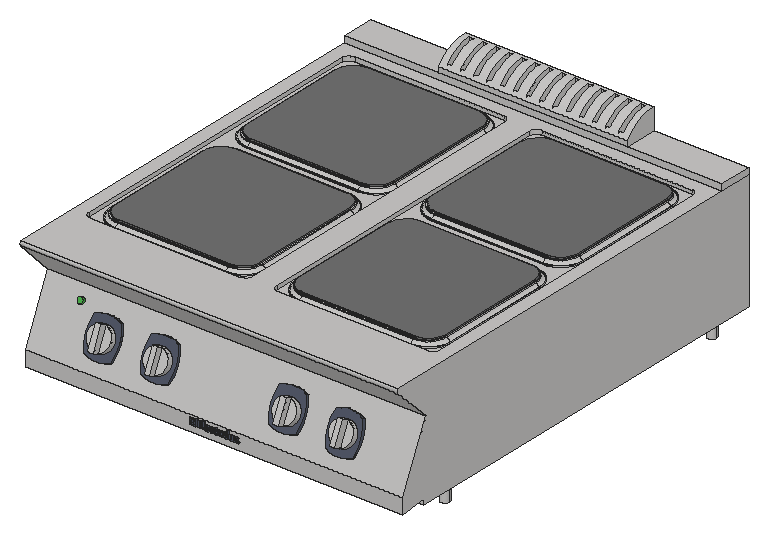
Revit family "QF_ELECTROLUXPROFESSIONAL_391166_E9ECEH4Q0N", category Specialty Equipment, Revit 2018 (continued)
Automatic sketch dimensions
  Extrusion 10 sketch curve to Extrusion 10 sketch curve = 11.572 mm
  Extrusion 11 sketch curve to plane 4 "RIGHT" = 143.463 mm
  Extrusion 11 sketch curve to plane 7 "Center Y" = 136.537 mm
  Extrusion 11 sketch curve to Extrusion 11 sketch curve = 0 mm  (x3)
  Extrusion 11 sketch curve to Extrusion 11 sketch curve = 120 mm  (x2)
  Extrusion 12 sketch curve to Extrusion 1 = 151 mm
  Extrusion 12 sketch curve to Extrusion 1 = 250.023 mm
  Extrusion 13 sketch curve to Extrusion 1 = 61 mm
  Extrusion 13 sketch curve to Extrusion 1 = 276.023 mm
  Extrusion 14 sketch curve to Extrusion 1 = 31.119 mm  (x4)
  Extrusion 14 sketch curve to Extrusion 1 = 33.619 mm  (x4)
  Extrusion 14 sketch curve to Extrusion 14 sketch curve = 12.3 mm  (x12)
  Extrusion 14 sketch curve to Extrusion 14 sketch curve = 34.925 mm  (x6)
  Extrusion 14 sketch curve to Extrusion 14 sketch curve = 2.5 mm  (x2)
  Extrusion 14 sketch curve to Extrusion 14 sketch curve = 45.146 mm  (x4)
  Extrusion 1 to Extrusion 14 sketch curve = 89.526 mm
  Extrusion 14 sketch curve to Extrusion 14 sketch curve = 25.727 mm  (x4)
  Extrusion 14 sketch curve to Extrusion 14 sketch curve = 25.771 mm  (x2)
  Extrusion 14 sketch curve to Extrusion 14 sketch curve = 28.531 mm  (x2)
  Extrusion 14 sketch curve to Extrusion 14 sketch curve = 11.797 mm  (x2)
  Extrusion 14 sketch curve to Extrusion 14 sketch curve = 163.116 mm
  Extrusion 14 sketch curve to Extrusion 14 sketch curve = 25.683 mm  (x2)
  Extrusion 14 sketch curve to Extrusion 14 sketch curve = 28.575 mm  (x2)
  plane 10 "TOP A" to Extrusion 15 sketch curve = 12.778 mm
  Extrusion 15 sketch curve to plane 1 "BACK" = 0 mm
  plane 1 "BACK" to Extrusion 15 sketch curve = 1.769 mm
  plane 13 to Extrusion 15 sketch curve = 12.15 mm
  Extrusion 15 sketch curve to plane 10 "TOP A" = 27.335 mm
  plane 10 "TOP A" to Extrusion 15 sketch curve = 25.4 mm
  plane 1 "BACK" to Extrusion 16 sketch curve = 6.761 mm
  Extrusion 16 sketch curve to plane 7 "Center Y" = 177.251 mm
  Extrusion 16 sketch curve to Extrusion 16 sketch curve = 9.296 mm
  plane 13 to Extrusion 16 sketch curve = 18.089 mm
  Extrusion 17 sketch curve to plane 1 "BACK" = 6.761 mm
  Extrusion 17 sketch curve to plane 7 "Center Y" = 177.251 mm
  Extrusion 17 sketch curve to Extrusion 17 sketch curve = 9.296 mm
  Extrusion 17 sketch curve to plane 13 = 18.089 mm
  plane 1 "BACK" to Extrusion 18 sketch curve = 6.761 mm
  Extrusion 18 sketch curve to plane 7 "Center Y" = 149.263 mm
  Extrusion 18 sketch curve to Extrusion 18 sketch curve = 9.296 mm
  plane 13 to Extrusion 18 sketch curve = 18.089 mm
  plane 1 "BACK" to Extrusion 19 sketch curve = 6.761 mm
  Extrusion 19 sketch curve to plane 7 "Center Y" = 121.275 mm
  Extrusion 19 sketch curve to Extrusion 19 sketch curve = 9.296 mm
  plane 13 to Extrusion 19 sketch curve = 18.089 mm
  plane 1 "BACK" to Extrusion 20 sketch curve = 6.761 mm
  Extrusion 20 sketch curve to plane 7 "Center Y" = 93.311 mm
  Extrusion 20 sketch curve to Extrusion 20 sketch curve = 9.296 mm
  plane 13 to Extrusion 20 sketch curve = 18.089 mm
  plane 1 "BACK" to Extrusion 21 sketch curve = 6.761 mm
  Extrusion 21 sketch curve to plane 7 "Center Y" = 65.323 mm
  Extrusion 21 sketch curve to Extrusion 21 sketch curve = 9.296 mm
  plane 13 to Extrusion 21 sketch curve = 18.089 mm
  plane 1 "BACK" to Extrusion 22 sketch curve = 6.761 mm
  Extrusion 22 sketch curve to plane 7 "Center Y" = 37.335 mm
  Extrusion 22 sketch curve to Extrusion 22 sketch curve = 9.296 mm
  plane 13 to Extrusion 22 sketch curve = 18.089 mm
  Extrusion 23 sketch curve to plane 7 "Center Y" = 9.346 mm
  Extrusion 23 sketch curve to Extrusion 23 sketch curve = 9.296 mm
  plane 1 "BACK" to Extrusion 23 sketch curve = 6.761 mm
  plane 13 to Extrusion 23 sketch curve = 18.089 mm
  plane 1 "BACK" to Extrusion 24 sketch curve = 6.761 mm
  plane 7 "Center Y" to Extrusion 24 sketch curve = 18.642 mm
  Extrusion 24 sketch curve to Extrusion 24 sketch curve = 9.296 mm
  plane 13 to Extrusion 24 sketch curve = 18.089 mm
  plane 1 "BACK" to Extrusion 25 sketch curve = 6.761 mm
  plane 7 "Center Y" to Extrusion 25 sketch curve = 46.63 mm
  Extrusion 25 sketch curve to Extrusion 25 sketch curve = 9.296 mm
  plane 13 to Extrusion 25 sketch curve = 18.089 mm
  plane 1 "BACK" to Extrusion 26 sketch curve = 6.761 mm
  plane 7 "Center Y" to Extrusion 26 sketch curve = 74.619 mm
  Extrusion 26 sketch curve to Extrusion 26 sketch curve = 9.296 mm
  plane 13 to Extrusion 26 sketch curve = 18.089 mm
  plane 1 "BACK" to Extrusion 27 sketch curve = 6.761 mm
  plane 7 "Center Y" to Extrusion 27 sketch curve = 102.582 mm
  Extrusion 27 sketch curve to Extrusion 27 sketch curve = 9.296 mm
  plane 13 to Extrusion 27 sketch curve = 18.089 mm
  plane 1 "BACK" to Extrusion 28 sketch curve = 6.761 mm
  plane 7 "Center Y" to Extrusion 28 sketch curve = 130.57 mm
  Extrusion 28 sketch curve to Extrusion 28 sketch curve = 9.296 mm
  plane 13 to Extrusion 28 sketch curve = 18.089 mm
  plane 1 "BACK" to Extrusion 29 sketch curve = 6.761 mm
  plane 7 "Center Y" to Extrusion 29 sketch curve = 158.559 mm
  Extrusion 29 sketch curve to Extrusion 29 sketch curve = 9.296 mm
  plane 13 to Extrusion 29 sketch curve = 18.089 mm
  Sweep 30 sketch curve to Extrusion 5 = 40 mm  (x2)
  profile plane to Sweep 30 sketch curve = 0 mm
  Sweep 30 sketch curve to profile plane = 6.35 mm
  Sweep 30 sketch curve to Sweep 30 sketch curve = 1.714 mm
  profile plane to Sweep 30 sketch curve = 4.181 mm
  Sweep 30 sketch curve to profile plane = 12.291 mm
  Sweep 30 sketch curve to profile plane = 1.759 mm
  Sweep 30 sketch curve to Sweep 30 sketch curve = 1.891 mm
  Sweep 31 sketch curve to Extrusion 5 = 40 mm  (x2)
  profile plane to Sweep 31 sketch curve = 0 mm
  Sweep 31 sketch curve to profile plane = 6.35 mm
  Sweep 31 sketch curve to Sweep 31 sketch curve = 1.714 mm
  profile plane to Sweep 31 sketch curve = 4.181 mm
  Sweep 31 sketch curve to profile plane = 12.291 mm
  Sweep 31 sketch curve to profile plane = 1.759 mm
  Sweep 31 sketch curve to Sweep 31 sketch curve = 1.891 mm
  Extrusion 32 sketch curve to Extrusion 1 = 8.862 mm
  Extrusion 32 sketch curve to Extrusion 1 = 13.903 mm
  Extrusion 32 sketch curve to Extrusion 1 = 13.922 mm
  Extrusion 32 sketch curve to Extrusion 32 sketch curve = 0 mm  (x28)
  Extrusion 32 sketch curve to Extrusion 32 sketch curve = 5.108 mm
  Extrusion 32 sketch curve to Extrusion 32 sketch curve = 0.054 mm
  Extrusion 32 sketch curve to Extrusion 32 sketch curve = 0.218 mm
  Extrusion 32 sketch curve to Extrusion 32 sketch curve = 0.195 mm
  Extrusion 32 sketch curve to Extrusion 32 sketch curve = 0.249 mm
  Extrusion 32 sketch curve to Extrusion 1 = 14.219 mm
  Extrusion 32 sketch curve to Extrusion 32 sketch curve = 0.087 mm
  Extrusion 32 sketch curve to Extrusion 32 sketch curve = 0.358 mm
  Extrusion 32 sketch curve to Extrusion 32 sketch curve = 0.481 mm
  Extrusion 32 sketch curve to Extrusion 32 sketch curve = 0.597 mm
  Extrusion 32 sketch curve to Extrusion 32 sketch curve = 0.544 mm
  Extrusion 32 sketch curve to Extrusion 32 sketch curve = 0.936 mm
  Extrusion 32 sketch curve to Extrusion 32 sketch curve = 0.594 mm
  Extrusion 32 sketch curve to Extrusion 32 sketch curve = 0.343 mm
  Extrusion 32 sketch curve to Extrusion 32 sketch curve = 0.159 mm
  Extrusion 32 sketch curve to Extrusion 32 sketch curve = 0.826 mm
  Extrusion 32 sketch curve to Extrusion 32 sketch curve = 0.839 mm
  Extrusion 32 sketch curve to Extrusion 32 sketch curve = 0.852 mm
  Extrusion 32 sketch curve to Extrusion 32 sketch curve = 0.887 mm
  Extrusion 32 sketch curve to Extrusion 32 sketch curve = 0.928 mm
  Extrusion 32 sketch curve to Extrusion 32 sketch curve = 0.938 mm
  Extrusion 32 sketch curve to Extrusion 32 sketch curve = 0.444 mm
  Extrusion 32 sketch curve to Extrusion 32 sketch curve = 1.11 mm  (x3)
  Extrusion 32 sketch curve to Extrusion 32 sketch curve = 0.215 mm
  Extrusion 32 sketch curve to Extrusion 32 sketch curve = 1.43 mm
  Extrusion 32 sketch curve to Extrusion 32 sketch curve = 1.188 mm
  Extrusion 32 sketch curve to Extrusion 32 sketch curve = 1.21 mm  (x2)
  Extrusion 32 sketch curve to Extrusion 32 sketch curve = 0.503 mm
  Extrusion 32 sketch curve to Extrusion 32 sketch curve = 0.488 mm
  Extrusion 32 sketch curve to Extrusion 32 sketch curve = 0.462 mm
  Extrusion 32 sketch curve to Extrusion 32 sketch curve = 1.386 mm
  Extrusion 32 sketch curve to Extrusion 32 sketch curve = 1.742 mm  (x2)
  Extrusion 32 sketch curve to Extrusion 32 sketch curve = 0.821 mm
  Extrusion 32 sketch curve to Extrusion 32 sketch curve = 0.497 mm
  Extrusion 32 sketch curve to Extrusion 32 sketch curve = 0.539 mm
  Extrusion 32 sketch curve to Extrusion 32 sketch curve = 0.686 mm
  Extrusion 32 sketch curve to Extrusion 32 sketch curve = 0.408 mm
  Extrusion 32 sketch curve to Extrusion 32 sketch curve = 0.743 mm
  Extrusion 32 sketch curve to Extrusion 32 sketch curve = 1.16 mm
  Extrusion 32 sketch curve to Extrusion 32 sketch curve = 0.329 mm
  Extrusion 32 sketch curve to Extrusion 32 sketch curve = 1.054 mm
  Extrusion 32 sketch curve to Extrusion 32 sketch curve = 1.056 mm
  Extrusion 32 sketch curve to Extrusion 32 sketch curve = 0.129 mm
  Extrusion 32 sketch curve to Extrusion 32 sketch curve = 0.489 mm
  Extrusion 32 sketch curve to Extrusion 32 sketch curve = 0.441 mm
  Extrusion 32 sketch curve to Extrusion 32 sketch curve = 1.151 mm
  Extrusion 32 sketch curve to Extrusion 32 sketch curve = 1.141 mm  (x2)
  Extrusion 32 sketch curve to Extrusion 32 sketch curve = 0.768 mm
  Extrusion 32 sketch curve to Extrusion 32 sketch curve = 1.653 mm
  Extrusion 32 sketch curve to Extrusion 32 sketch curve = 0.499 mm
  Extrusion 32 sketch curve to Extrusion 32 sketch curve = 0.964 mm
  Extrusion 32 sketch curve to Extrusion 32 sketch curve = 0.949 mm
  Extrusion 32 sketch curve to Extrusion 32 sketch curve = 1.345 mm  (x3)
  Extrusion 32 sketch curve to Extrusion 32 sketch curve = 1.101 mm
  Extrusion 32 sketch curve to Extrusion 32 sketch curve = 0.432 mm
  Extrusion 32 sketch curve to Extrusion 32 sketch curve = 1.142 mm
  Extrusion 32 sketch curve to Extrusion 32 sketch curve = 0.959 mm
  Extrusion 32 sketch curve to Extrusion 32 sketch curve = 0.176 mm
  Extrusion 32 sketch curve to Extrusion 32 sketch curve = 0.728 mm
  Extrusion 32 sketch curve to Extrusion 32 sketch curve = 3.375 mm  (x2)
  Extrusion 32 sketch curve to Extrusion 32 sketch curve = 0.541 mm
  Extrusion 32 sketch curve to Extrusion 32 sketch curve = 0.955 mm
  Extrusion 32 sketch curve to Extrusion 32 sketch curve = 1.251 mm
  Extrusion 32 sketch curve to Extrusion 32 sketch curve = 0.572 mm
  Extrusion 32 sketch curve to Extrusion 32 sketch curve = 1.92 mm
  Extrusion 32 sketch curve to Extrusion 32 sketch curve = 1.224 mm
  Extrusion 32 sketch curve to Extrusion 32 sketch curve = 0.745 mm
  Extrusion 32 sketch curve to Extrusion 32 sketch curve = 2.537 mm
  Extrusion 32 sketch curve to Extrusion 32 sketch curve = 0.896 mm  (x3)
  Extrusion 32 sketch curve to Extrusion 32 sketch curve = 0.036 mm
  Extrusion 32 sketch curve to Extrusion 32 sketch curve = 2.607 mm
  Extrusion 32 sketch curve to Extrusion 32 sketch curve = 0.066 mm
  Extrusion 32 sketch curve to Extrusion 32 sketch curve = 0.248 mm
  Extrusion 32 sketch curve to Extrusion 32 sketch curve = 0.449 mm
  Extrusion 32 sketch curve to Extrusion 32 sketch curve = 1.052 mm
  Extrusion 32 sketch curve to Extrusion 32 sketch curve = 1.863 mm
  Extrusion 32 sketch curve to Extrusion 32 sketch curve = 1.31 mm  (x2)
  Extrusion 32 sketch curve to Extrusion 32 sketch curve = 0.901 mm
  Extrusion 32 sketch curve to Extrusion 32 sketch curve = 1.107 mm
  Extrusion 32 sketch curve to Extrusion 32 sketch curve = 2.122 mm
  Extrusion 32 sketch curve to Extrusion 32 sketch curve = 2.101 mm
  Extrusion 32 sketch curve to Extrusion 32 sketch curve = 0.106 mm
  Extrusion 32 sketch curve to Extrusion 32 sketch curve = 0.029 mm
  Extrusion 32 sketch curve to Extrusion 32 sketch curve = 2.09 mm
  Extrusion 32 sketch curve to Extrusion 32 sketch curve = 1.279 mm
  Extrusion 32 sketch curve to Extrusion 32 sketch curve = 2.008 mm
  Extrusion 32 sketch curve to Extrusion 32 sketch curve = 0.738 mm
  Extrusion 32 sketch curve to Extrusion 32 sketch curve = 0.382 mm
  Extrusion 32 sketch curve to Extrusion 32 sketch curve = 0.384 mm
  Extrusion 32 sketch curve to Extrusion 32 sketch curve = 0.002 mm
  Extrusion 32 sketch curve to Extrusion 32 sketch curve = 0.561 mm
  Extrusion 32 sketch curve to Extrusion 32 sketch curve = 0.592 mm
  Extrusion 32 sketch curve to Extrusion 32 sketch curve = 2.692 mm
  Extrusion 32 sketch curve to Extrusion 32 sketch curve = 1.259 mm
  Extrusion 32 sketch curve to Extrusion 32 sketch curve = 0.802 mm
  Extrusion 32 sketch curve to Extrusion 32 sketch curve = 1.024 mm  (x2)
  Extrusion 32 sketch curve to Extrusion 32 sketch curve = 0.682 mm
  Extrusion 32 sketch curve to Extrusion 32 sketch curve = 5.934 mm
  Extrusion 32 sketch curve to Extrusion 32 sketch curve = 2.186 mm
  Extrusion 32 sketch curve to Extrusion 32 sketch curve = 0.337 mm
  Extrusion 32 sketch curve to Extrusion 32 sketch curve = 0.021 mm
  Extrusion 32 sketch curve to Extrusion 32 sketch curve = 1.005 mm
  Extrusion 32 sketch curve to Extrusion 32 sketch curve = 0.552 mm
  Extrusion 32 sketch curve to Extrusion 32 sketch curve = 0.778 mm
  Extrusion 32 sketch curve to Extrusion 32 sketch curve = 0.063 mm
  Extrusion 32 sketch curve to Extrusion 32 sketch curve = 1.023 mm
  Extrusion 32 sketch curve to Extrusion 32 sketch curve = 3.804 mm
  Extrusion 32 sketch curve to Extrusion 32 sketch curve = 0.486 mm
  Extrusion 32 sketch curve to Extrusion 32 sketch curve = 0.266 mm
  Extrusion 32 sketch curve to Extrusion 32 sketch curve = 1.547 mm
  Extrusion 32 sketch curve to Extrusion 32 sketch curve = 0.717 mm  (x2)
  Extrusion 32 sketch curve to Extrusion 32 sketch curve = 1.667 mm
  Extrusion 32 sketch curve to Extrusion 32 sketch curve = 3.174 mm
  Extrusion 32 sketch curve to Extrusion 32 sketch curve = 0.388 mm
  Extrusion 32 sketch curve to Extrusion 32 sketch curve = 1.342 mm
  Extrusion 32 sketch curve to Extrusion 32 sketch curve = 1.521 mm
  Extrusion 32 sketch curve to Extrusion 32 sketch curve = 0.124 mm
  Extrusion 32 sketch curve to Extrusion 32 sketch curve = 0.291 mm
  Extrusion 32 sketch curve to Extrusion 32 sketch curve = 1.049 mm  (x2)
  Extrusion 32 sketch curve to Extrusion 32 sketch curve = 1.7 mm
  Extrusion 32 sketch curve to Extrusion 32 sketch curve = 0.894 mm
  Extrusion 32 sketch curve to Extrusion 32 sketch curve = 0.989 mm
  Extrusion 32 sketch curve to Extrusion 32 sketch curve = 1.168 mm
  Extrusion 32 sketch curve to Extrusion 32 sketch curve = 1.594 mm
  Extrusion 32 sketch curve to Extrusion 32 sketch curve = 0.731 mm
  Extrusion 32 sketch curve to Extrusion 32 sketch curve = 1.566 mm
  Extrusion 32 sketch curve to Extrusion 32 sketch curve = 0.064 mm
  Extrusion 32 sketch curve to Extrusion 32 sketch curve = 0.556 mm  (x2)
  Extrusion 32 sketch curve to Extrusion 32 sketch curve = 0.48 mm
  Extrusion 32 sketch curve to Extrusion 32 sketch curve = 1.018 mm
  Extrusion 32 sketch curve to Extrusion 32 sketch curve = 0.787 mm
  Extrusion 32 sketch curve to Extrusion 32 sketch curve = 0.618 mm
  Extrusion 32 sketch curve to Extrusion 32 sketch curve = 1.672 mm
  Extrusion 32 sketch curve to Extrusion 32 sketch curve = 1.361 mm
  Extrusion 32 sketch curve to Extrusion 32 sketch curve = 0.822 mm
  Extrusion 32 sketch curve to Extrusion 32 sketch curve = 0.069 mm
  Extrusion 32 sketch curve to Extrusion 32 sketch curve = 1.88 mm
  Extrusion 32 sketch curve to Extrusion 32 sketch curve = 0.42 mm
  Extrusion 32 sketch curve to Extrusion 32 sketch curve = 0.062 mm
  Extrusion 32 sketch curve to Extrusion 32 sketch curve = 1.355 mm
  Extrusion 32 sketch curve to Extrusion 32 sketch curve = 2.34 mm
  Extrusion 32 sketch curve to Extrusion 32 sketch curve = 0.493 mm
  Extrusion 32 sketch curve to Extrusion 32 sketch curve = 0.136 mm
  Extrusion 32 sketch curve to Extrusion 32 sketch curve = 0.128 mm
  Extrusion 32 sketch curve to Extrusion 32 sketch curve = 3.616 mm
  Extrusion 32 sketch curve to Extrusion 32 sketch curve = 4.207 mm
  Extrusion 32 sketch curve to Extrusion 32 sketch curve = 0.183 mm
  Extrusion 32 sketch curve to Extrusion 32 sketch curve = 0.895 mm
  Extrusion 32 sketch curve to Extrusion 32 sketch curve = 1.314 mm
  Extrusion 32 sketch curve to Extrusion 32 sketch curve = 3.231 mm
  Extrusion 32 sketch curve to Extrusion 32 sketch curve = 1.299 mm
  Extrusion 32 sketch curve to Extrusion 32 sketch curve = 1.214 mm
  Extrusion 32 sketch curve to Extrusion 32 sketch curve = 1.264 mm
  Extrusion 1 to Extrusion 32 sketch curve = 4.768 mm
  Extrusion 32 sketch curve to Extrusion 32 sketch curve = 0.357 mm
  Extrusion 32 sketch curve to Extrusion 32 sketch curve = 0.565 mm
  Extrusion 1 to Extrusion 32 sketch curve = 3.631 mm  (x2)
  Extrusion 1 to Extrusion 32 sketch curve = 3.324 mm
  Extrusion 1 to Extrusion 32 sketch curve = 346.355 mm
  Extrusion 32 sketch curve to Extrusion 32 sketch curve = 0.208 mm
  Extrusion 32 sketch curve to Extrusion 32 sketch curve = 0.468 mm  (x2)
  Extrusion 32 sketch curve to Extrusion 32 sketch curve = 1.559 mm
  Extrusion 32 sketch curve to Extrusion 32 sketch curve = 0.422 mm  (x2)
  Extrusion 32 sketch curve to Extrusion 32 sketch curve = 0.494 mm
  Extrusion 32 sketch curve to Extrusion 32 sketch curve = 3.927 mm
  Extrusion 32 sketch curve to Extrusion 32 sketch curve = 0.782 mm
  Extrusion 32 sketch curve to Extrusion 32 sketch curve = 1.268 mm
  Extrusion 32 sketch curve to Extrusion 32 sketch curve = 0.671 mm
  Extrusion 32 sketch curve to Extrusion 32 sketch curve = 0.777 mm
  Extrusion 32 sketch curve to Extrusion 32 sketch curve = 0.704 mm
  Extrusion 32 sketch curve to Extrusion 32 sketch curve = 0.781 mm  (x2)
  Extrusion 32 sketch curve to Extrusion 32 sketch curve = 1.634 mm
  Extrusion 32 sketch curve to Extrusion 32 sketch curve = 0.132 mm
  Extrusion 32 sketch curve to Extrusion 32 sketch curve = 3.136 mm
  Extrusion 32 sketch curve to Extrusion 32 sketch curve = 2.422 mm
  Extrusion 32 sketch curve to Extrusion 32 sketch curve = 0.586 mm
  Extrusion 32 sketch curve to Extrusion 32 sketch curve = 2.046 mm  (x2)
  Extrusion 32 sketch curve to Extrusion 32 sketch curve = 1.241 mm
  Extrusion 32 sketch curve to Extrusion 32 sketch curve = 1.689 mm
  Extrusion 32 sketch curve to Extrusion 32 sketch curve = 2.859 mm
  Extrusion 32 sketch curve to Extrusion 32 sketch curve = 0.627 mm
  Extrusion 32 sketch curve to Extrusion 32 sketch curve = 0.863 mm
  Extrusion 32 sketch curve to Extrusion 32 sketch curve = 0.419 mm
  Extrusion 32 sketch curve to Extrusion 32 sketch curve = 1.514 mm
  Extrusion 32 sketch curve to Extrusion 32 sketch curve = 1.019 mm
  Extrusion 32 sketch curve to Extrusion 32 sketch curve = 0.065 mm
  Extrusion 32 sketch curve to Extrusion 32 sketch curve = 1.215 mm
  Extrusion 32 sketch curve to Extrusion 32 sketch curve = 2.708 mm
  Extrusion 32 sketch curve to Extrusion 32 sketch curve = 1.122 mm
  Extrusion 32 sketch curve to Extrusion 32 sketch curve = 1.153 mm
  Extrusion 32 sketch curve to Extrusion 32 sketch curve = 3.009 mm
  Extrusion 32 sketch curve to Extrusion 32 sketch curve = 0.829 mm  (x2)
  Extrusion 32 sketch curve to Extrusion 32 sketch curve = 0.934 mm
  Extrusion 32 sketch curve to Extrusion 32 sketch curve = 3.376 mm
  Extrusion 32 sketch curve to Extrusion 32 sketch curve = 0.222 mm
  Extrusion 32 sketch curve to Extrusion 32 sketch curve = 1.383 mm
  Extrusion 32 sketch curve to Extrusion 32 sketch curve = 1.556 mm
  Extrusion 32 sketch curve to Extrusion 32 sketch curve = 2.559 mm
  Extrusion 32 sketch curve to Extrusion 32 sketch curve = 2.51 mm
  Extrusion 32 sketch curve to Extrusion 32 sketch curve = 0.131 mm
  Extrusion 32 sketch curve to Extrusion 32 sketch curve = 1.717 mm
  Extrusion 32 sketch curve to Extrusion 32 sketch curve = 1.134 mm
  Extrusion 32 sketch curve to Extrusion 32 sketch curve = 0.366 mm
  Extrusion 32 sketch curve to Extrusion 32 sketch curve = 0.094 mm
  Extrusion 32 sketch curve to Extrusion 32 sketch curve = 1.584 mm
  Extrusion 32 sketch curve to Extrusion 32 sketch curve = 1.501 mm
  Extrusion 32 sketch curve to Extrusion 32 sketch curve = 0.27 mm
  Extrusion 32 sketch curve to Extrusion 32 sketch curve = 1.808 mm
  Extrusion 32 sketch curve to Extrusion 32 sketch curve = 0.643 mm
  Extrusion 32 sketch curve to Extrusion 32 sketch curve = 0.916 mm
  Extrusion 32 sketch curve to Extrusion 32 sketch curve = 0.352 mm
  Extrusion 32 sketch curve to Extrusion 32 sketch curve = 0.458 mm
  Extrusion 32 sketch curve to Extrusion 32 sketch curve = 1.282 mm
  Extrusion 32 sketch curve to Extrusion 32 sketch curve = 1.363 mm
  Extrusion 32 sketch curve to Extrusion 32 sketch curve = 0.685 mm
  Extrusion 32 sketch curve to Extrusion 32 sketch curve = 0.905 mm
  Extrusion 32 sketch curve to Extrusion 32 sketch curve = 2.865 mm
  Extrusion 32 sketch curve to Extrusion 32 sketch curve = 0.472 mm
  Extrusion 32 sketch curve to Extrusion 32 sketch curve = 0.101 mm
  Extrusion 32 sketch curve to Extrusion 32 sketch curve = 0.54 mm
  Extrusion 32 sketch curve to Extrusion 32 sketch curve = 0.02 mm
  Extrusion 32 sketch curve to Extrusion 32 sketch curve = 0.582 mm
  Extrusion 32 sketch curve to Extrusion 32 sketch curve = 0.166 mm
  Extrusion 32 sketch curve to Extrusion 32 sketch curve = 0.16 mm
  Extrusion 32 sketch curve to Extrusion 32 sketch curve = 2.781 mm
  Extrusion 32 sketch curve to Extrusion 32 sketch curve = 1.118 mm
  Extrusion 32 sketch curve to Extrusion 32 sketch curve = 0.613 mm
  Extrusion 32 sketch curve to Extrusion 32 sketch curve = 0.361 mm
  Extrusion 32 sketch curve to Extrusion 32 sketch curve = 0.897 mm
  Extrusion 32 sketch curve to Extrusion 32 sketch curve = 0.167 mm
  Extrusion 32 sketch curve to Extrusion 32 sketch curve = 0.292 mm
  Extrusion 32 sketch curve to Extrusion 32 sketch curve = 0.305 mm
  Extrusion 32 sketch curve to Extrusion 32 sketch curve = 1.557 mm
  Extrusion 32 sketch curve to Extrusion 32 sketch curve = 2.499 mm
  Extrusion 32 sketch curve to Extrusion 32 sketch curve = 3.062 mm
  Extrusion 32 sketch curve to Extrusion 32 sketch curve = 2.968 mm
  Extrusion 32 sketch curve to Extrusion 32 sketch curve = 5.044 mm
  Extrusion 32 sketch curve to Extrusion 32 sketch curve = 0.629 mm  (x2)
  Extrusion 32 sketch curve to Extrusion 32 sketch curve = 1.131 mm
  Extrusion 32 sketch curve to Extrusion 32 sketch curve = 0.137 mm
  Extrusion 32 sketch curve to Extrusion 32 sketch curve = 0.027 mm
  Extrusion 32 sketch curve to Extrusion 32 sketch curve = 2.235 mm
  plane 11 to Extrusion 3 sketch curve = 0 mm  (x2)
  Extrusion 3 sketch curve to plane 13 = 0 mm  (x2)
  plane 3 "LEFT" to Extrusion 3 sketch curve = 11.112 mm  (x2)
  Extrusion 3 sketch curve to plane 4 "RIGHT" = 11.113 mm  (x2)
  Extrusion 33 sketch curve to Extrusion 1 = 0 mm  (x2)
  Extrusion 33 sketch curve to Extrusion 1 = 69.85 mm
  Extrusion 1 to Extrusion 33 sketch curve = 12.778 mm
  curve 13 to curve 21 = 0 mm  (x2)
  curve 13 to curve 29 = 0 mm
  curve 13 to curve 37 = 0 mm
  curve 15 to curve 23 = 0 mm  (x2)
  curve 17 to curve 25 = 0 mm  (x2)
  curve 17 to curve 41 = 0 mm
  curve 19 to curve 27 = 0 mm
  curve 19 to curve 43 = 0 mm  (x2)
  curve 23 to curve 35 = 0 mm  (x2)
  curve 29 to curve 37 = 0 mm  (x2)
  curve 31 to curve 43 = 0 mm  (x2)
  curve 33 to curve 41 = 0 mm  (x2)
  curve 35 to curve 39 = 0 mm
  curve 45 to curve 53 = 0 mm  (x2)
  curve 45 to curve 160 = 0 mm  (x2)
  curve 45 to curve 162 = 0 mm  (x2)
  curve 47 to curve 55 = 0 mm  (x2)
  curve 47 to curve 158 = 0 mm  (x2)
  curve 47 to curve 164 = 0 mm  (x2)
  curve 49 to curve 57 = 0 mm  (x2)
  curve 49 to curve 156 = 0 mm
  curve 49 to curve 166 = 0 mm
  curve 51 to curve 59 = 0 mm
  curve 51 to curve 154 = 0 mm  (x2)
  curve 51 to curve 168 = 0 mm  (x2)
  curve 121 to curve 129 = 0 mm  (x2)
  curve 121 to curve 145 = 0 mm
  curve 123 to curve 131 = 0 mm  (x2)
  curve 125 to curve 133 = 0 mm  (x2)
  curve 125 to curve 149 = 0 mm  (x2)
  curve 127 to curve 135 = 0 mm
  curve 127 to curve 139 = 0 mm
  curve 129 to curve 145 = 0 mm
  curve 131 to curve 143 = 0 mm  (x2)
  curve 137 to curve 145 = 0 mm
  curve 139 to curve 151 = 0 mm  (x2)
  curve 141 to curve 149 = 0 mm  (x2)
  curve 143 to curve 147 = 0 mm  (x2)
  curve 169 to curve 200 = 0 mm
  curve 171 to curve 178 = 0 mm
  curve 171 to curve 198 = 0 mm
  curve 173 to curve 196 = 0 mm  (x2)
  curve 175 to curve 194 = 0 mm  (x2)
  curve 178 to curve 198 = 0 mm
  curve 180 to curve 196 = 0 mm  (x2)
  curve 182 to curve 194 = 0 mm  (x2)
  curve 184 to curve 200 = 0 mm  (x2)
  curve 185 to curve 200 = 0 mm
  curve 187 to curve 198 = 0 mm  (x2)
  curve 189 to curve 196 = 0 mm  (x2)
  curve 191 to curve 194 = 0 mm  (x2)
  plane 1 "BACK" to curve 211 = 0 mm
  curve 211 to plane 4 "RIGHT" = 0 mm
  curve 183 to plane 8 "Center X" = 0 mm
  curve 52 to plane 8 "Center X" = 0 mm
  curve 210 to plane 3 "LEFT" = 0 mm
  plane 5 "FRONT" to curve 209 = 0 mm
  curve 206 to plane 4 "RIGHT" = 27.5 mm
  curve 189 to plane 4 "RIGHT" = 38.661 mm
  curve 147 to plane 4 "RIGHT" = 38.661 mm
  curve 145 to curve 144 = 1.714 mm
  curve 191 to curve 194 = 1.714 mm
  curve 206 to plane 13 = 15.534 mm
  curve 206 to curve 206 = 15 mm
  plane 11 to curve 208 = 6.885 mm
  curve 208 to curve 208 = 15 mm
  curve 194 to curve 181 = 6.35 mm
  curve 137 to curve 129 = 6.35 mm
  curve 180 to curve 173 = 3 mm
  curve 130 to curve 122 = 3 mm
  curve 174 to curve 194 = 37 mm
  curve 122 to curve 123 = 37 mm
  curve 206 to curve 121 = 44.225 mm
  curve 180 to plane 11 = 10 mm
  curve 208 to curve 180 = 44.225 mm
  curve 145 to curve 120 = 113.275 mm
  plane 8 "Center X" to curve 148 = 27.516 mm
  plane 7 "Center Y" to curve 148 = 78.275 mm
  plane 7 "Center Y" to curve 151 = 78.275 mm
  curve 169 to curve 149 = 0 mm
  curve 171 to plane 11 = 50 mm
  plane 7 "Center Y" to curve 171 = 78.275 mm
  curve 127 to curve 126 = 37 mm
  curve 151 to curve 204 = 38.026 mm
  curve 187 to curve 201 = 38.026 mm
  curve 204 to curve 203 = 15 mm
  curve 11 to plane 11 = 8.115 mm
  curve 11 to plane 7 "Center Y" = 25.249 mm
  curve 10 to plane 7 "Center Y" = 25.249 mm
  curve 167 to plane 7 "Center Y" = 30.211 mm
  curve 43 to plane 7 "Center Y" = 30.211 mm
  curve 42 to curve 33 = 1.714 mm
  curve 167 to curve 155 = 1.714 mm
  curve 155 to curve 50 = 6.35 mm
  curve 32 to curve 26 = 6.35 mm
  curve 10 to curve 10 = 15 mm
  plane 11 to curve 11 = 6.885 mm
  curve 26 to curve 18 = 3 mm
  curve 51 to curve 59 = 3 mm
  curve 57 to curve 156 = 37 mm
  plane 8 "Center X" to curve 41 = 27.516 mm
  curve 17 to curve 41 = 37 mm
  curve 58 to curve 168 = 37 mm
  curve 18 to curve 19 = 37 mm
  curve 44 to curve 119 = 121.725 mm
  plane 3 "LEFT" to curve 34 = 86.725 mm
  curve 60 to curve 39 = 0 mm
  curve 56 to plane 11 = 13 mm
  plane 3 "LEFT" to curve 56 = 86.725 mm
  plane 3 "LEFT" to curve 37 = 86.725 mm
  curve 13 to curve 14 = 37 mm
  curve 45 to curve 54 = 37 mm
  curve 9 to plane 13 = 15.534 mm
  plane 3 "LEFT" to curve 9 = 42.5 mm
  curve 12 to plane 11 = 8.115 mm
  curve 12 to curve 159 = 2.125 mm
  curve 9 to curve 9 = 15 mm
  curve 12 to curve 12 = 15 mm
  plane 13 to curve 119 = 12.15 mm
  curve 10 to plane 13 = 15.534 mm
  curve 37 to plane 13 = 24.355 mm
  curve 152 to plane 13 = 24.355 mm
  radius of Sweep 6 sketch curve to Extrusion 5 = 0 mm  (x2)
  radius of Sweep 7 sketch curve to Extrusion 5 = 0 mm  (x2)
  radius of Extrusion 8 sketch curve to Extrusion 5 = 3 mm  (x8)
  radius of Extrusion 9 sketch curve = 6.35 mm
  radius of Extrusion 11 sketch curve = 25.4 mm  (x4)
  radius of Extrusion 12 sketch curve = 12.7 mm
  radius of Extrusion 13 sketch curve = 12.7 mm
  radius of Sweep 30 sketch curve to Extrusion 5 = 0 mm  (x2)
  radius of Sweep 31 sketch curve to Extrusion 5 = 0 mm  (x2)
  radius of Extrusion 3 sketch curve = 9.525 mm  (x4)
Connectors
  electrical at (739, -583, 11.3), driven by "Volts", driven by "Watts"
    settings: on Extrusion 13, index 2, voltage 230 V, apparent load 16000 VA, apparent load phase1 0 VA, apparent load phase2 0 VA, apparent load phase3 0 VA, power factor 1, load classification "Other", number of poles 1, system type 30, power factor state 1, is connector primary yes, connector utility no, sub classification motor no, connector description "ELECTRICAL CONNECTION"
